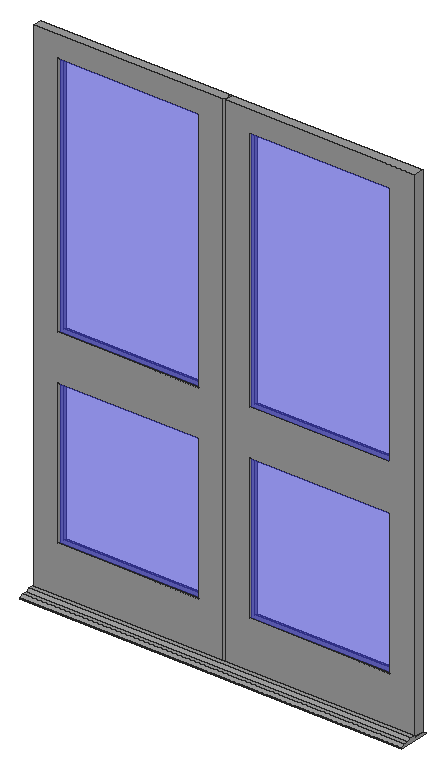
Revit family "MSD-375 DOOR-Double-1-SF_v04", category Curtain Panels, Revit 2015
Parameters
  Width [instance] = 6' - 2"
  URL = "obe.com\r\nobe.com"
  Rough Width [instance] = 6' - 3"
  Offset [instance] = 0' - 1"
  Model = "MSD-375 DOOR"
  Min Panel Width [instance] = if(Rough Width > 6' 2 1/4", Rough Width - 0' 2 1/4", 6' 0")  # 6' - 0 3/4"
  Manufacturer = "Oldcastle BuildingEnvelope®"
  Keynote = "08 11 00"
  Hinge [instance] = yes
  Height [instance] = 8' - 0"
  Pushbar Height [instance] = 3' - 5 1/4"  # constant formula
  Glass Material = Glass
  Frame Material = Aluminum
  Door Panel Height [instance] = Height + 0' 0 1/2"  # 8' - 0 1/2"
  Description = "MSD-375 - 1\" Door Infill"
  Assembly Code = "B2030"
  Analytic Construction = "<None>"
  8 Muntin [instance] = not([6.5 Muntin])  # no
  6.5 Muntin [instance] = yes
Reference planes (in)
  plane 1 "Front": y = 0
  plane 2: z = 0
  plane 3 "Center (Left/Right)": x = 0
  plane 4 "Left": x = -37
  plane 5 "Right": x = 37
  plane 6 "Top": z = 96
  plane 7: x = 36.375
  plane 8: x = -36.375
Text (in)
  text "Exterior" at (-54.29358, 31.38743, 0), in view "Ref. Level"
  text "Exterior" at (480, 41.53993, 89.60405), in view "Right"
  text "Exterior" at (-240, 57.82419, 105.78864), in view "Left"
Dimensions and locks (in)
  equal spacing: plane 4 "Left", plane 3 "Center (Left/Right)", plane 5 "Right"
  "Width": plane 4 "Left" to plane 5 "Right"
  "Height": plane 6 "Top" to plane 2
  equal spacing: plane 8, plane 3 "Center (Left/Right)", plane 7
  "Min Panel Width": plane 8 to plane 7
  aligned and locked: level to plane 2
  aligned and locked: plane 3 "Center (Left/Right)" to nested 1
  aligned and locked: plane 1 "Front" to nested 1
Nested families (in)
  nested 1: "MSD-375 DOOR-Double-1-Panel_v03" at (0, -16, 0), Frame Material <- "Frame Material", Glass Material <- "Glass Material", 8 Muntin <- "8 Muntin", Hinge <- "Hinge", 6.5 Muntin <- "6.5 Muntin", Width <- "Min Panel Width", Height <- "Door Panel Height", Offset <- "Offset", type "MSD-375 DOOR-Double-1-Panel_v03"
    with Wing Width 3' - 0 3/8", built-in parameter 1001301 6' - 0 3/4", Pushbar Height 3' - 5 1/4", Offset 0' - 1", Hinge yes, built-in parameter 1001300 8' - 0 1/2", Glass at Muntin 0' - 6 15/16", Glass Material Glass, Frame Material Aluminum, 8 Muntin no, 6.5 Muntin yes
Definition of nested family "MSD-375 DOOR-Double-1-Panel_v03"
  Parameters (values of type "MSD-375 DOOR-Double-1-Panel_v03")
    Wing Width [instance] = Width / 2  # 2' - 6"
    Width [instance] = 5' - 0"
    Pushbar Height [instance] = 3' - 5 1/4"  # constant formula
    Offset [instance] = 0' - 1"
    Hinge [instance] = yes
    Height [instance] = 7' - 0"
    Glass at Muntin [instance] = if([6.5 Muntin], 0' 6 15/16", 0' 8 7/16")  # 0' - 6 15/16"
    Glass Material [instance] = none
    Frame Material [instance] = none
    Analytic Construction = "<None>"
    8 Muntin [instance] = not([6.5 Muntin])  # no
    6.5 Muntin [instance] = yes
  Reference planes (in)
    plane 1 "00": y = 14.043
    plane 2: z = 0
    plane 3 "Center (Left/Right)": x = 0
    plane 4: z = 84
    plane 5: x = -30
    plane 6: x = 30
    plane 7 "Center (Front/Back)": y = 16
    plane 8 "Exterior": y = 14.32425
    plane 9: z = 42
    plane 10: z = 8.90625
    plane 11: z = 44.71875
    plane 12: z = 37.78125
    plane 13: z = 80.281
    plane 14: z = 0
    plane 15: x = -25.84095
    plane 16: x = 25.82077
    plane 17 "Offset": y = 15
    plane 18: z = 41.25
  Forms (in)
    Sweep 1, solid, material <- "Frame Material"
      path origin (0, 14.043, 0) x (1, 0, 0) y (0, 0, 1)
        loop
          line (-29.70095, 84) -> (-0.24193, 84)
      profile origin (-14.97144, 14.043, 84) x (0, 0, 1) y (0, -1, 0)
        loop
          line (-4.5, -0.957) -> (-0.5, -0.957) -> (-0.5, 0.793) -> (-4.5, 0.793) -> (-4.5, 0.5) -> (-3.719, 0.5) -> (-3.719, -0.5) -> (-4.5, -0.5) -> (-4.5, -0.957)
    Sweep 2, solid, material <- "Frame Material"
      path origin (0, 14.043, 0) x (1, 0, 0) y (0, 0, 1)
        loop
          line (-0.24193, 0) -> (-29.69218, 0)
      profile origin (-14.96706, 14.043, 0) x (0, 0, -1) y (0, -1, 0)
        loop
          line (-0.6875, -0.957) -> (-0.6875, 0.793) -> (-9.6875, 0.793) -> (-9.6875, 0.5) -> (-8.90625, 0.5) -> (-8.90625, -0.5) -> (-9.6875, -0.5) -> (-9.6875, -0.957) -> (-0.6875, -0.957)
    Sweep 3, solid, material <- "Frame Material"
      path origin (0, 14.043, 0) x (1, 0, 0) y (0, 0, 1)
        loop
          line (30, 83.5) -> (30, 0.6875)
      profile origin (30, 14.043, 42.09375) x (0, -1, 0) y (1, 0, 0)
        loop
          line (-0.957, -0.21023) -> (-0.957, -4.96023) -> (-0.5, -4.96023) -> (-0.5, -4.17923) -> (0.5, -4.17923) -> (0.5, -4.96023) -> (0.793, -4.96023) -> (0.793, -0.31923) -> (-0.957, -0.21023)
    Sweep 4, solid, material <- "Frame Material"
      path origin (0, 14.043, 0) x (1, 0, 0) y (0, 0, 1)
        loop
          line (-30, 83.5) -> (-30, 0.6875)
      profile origin (-30, 14.043, 42.09375) x (0, -1, 0) y (1, 0, 0)
        loop
          line (0.793, 4.94005) -> (0.5, 4.94005) -> (0.5, 4.15905) -> (-0.5, 4.15905) -> (-0.5, 4.94005) -> (-0.957, 4.94005) -> (-0.957, 0.19005) -> (0.793, 0.29905) -> (0.793, 4.94005)
    Sweep 5, solid, material <- "Frame Material"
      path origin (0, 14.043, 0) x (1, 0, 0) y (0, 0, 1)
        loop
          line (-2.84095, 42) -> (-25.84095, 42)
      profile origin (-14.34095, 14.043, 42) x (0, 0, -1) y (0, -1, 0)
        loop
          line (-3.49975, -0.5) -> (-3.49975, -0.957) -> (5.00025, -0.957) -> (5.00025, -0.5) -> (4.21925, -0.5) -> (4.21925, 0.5) -> (5.00025, 0.5) -> (5.00025, 0.793) -> (-3.49975, 0.793) -> (-3.49975, 0.5) -> (-2.71875, 0.5) -> (-2.71875, -0.5) -> (-3.49975, -0.5)
    Sweep 6, solid, material <- "Frame Material"
      path origin (0, 14.043, 0) x (1, 0, 0) y (0, 0, 1)
        loop
          line (0, 83.5) -> (0, 0.6875)
      profile origin (0, 14.043, 42.09375) x (0, -1, 0) y (1, 0, 0)
        loop
          line (-0.957, -4.81249) -> (-0.5, -4.81249) -> (-0.5, -4.03149) -> (0.5, -4.03149) -> (0.5, -4.81249) -> (0.793, -4.81249) -> (0.793, -0.24193)
          arc (0.793, -0.24193) -> (-0.07989, -0.06254) -> (-0.957, -0.22004) r 2.357
          line (-0.957, -0.22004) -> (-0.957, -4.81249)
        loop
          line (0.793, 4.81251) -> (0.5, 4.81251) -> (0.5, 4.03151) -> (-0.5, 4.03151) -> (-0.5, 4.81251) -> (-0.957, 4.81251) -> (-0.957, 0.22004)
          arc (-0.957, 0.22004) -> (-0.07989, 0.06254) -> (0.793, 0.24193) r 2.357
          line (0.793, 0.24193) -> (0.793, 4.81251)
    Sweep 7, solid, material <- "Frame Material"
      path origin (0, 14.043, 0) x (1, 0, 0) y (0, 0, 1)
        loop
          line (0.22004, 84) -> (29.68077, 84)
      profile origin (14.95041, 14.043, 84) x (0, 0, 1) y (0, -1, 0)
        loop
          line (-4.5, -0.957) -> (-0.5, -0.957) -> (-0.5, 0.793) -> (-4.5, 0.793) -> (-4.5, 0.5) -> (-3.719, 0.5) -> (-3.719, -0.5) -> (-4.5, -0.5) -> (-4.5, -0.957)
    Sweep 8, solid, material <- "Frame Material"
      path origin (0, 14.043, 0) x (1, 0, 0) y (0, 0, 1)
        loop
          line (25.82077, 42) -> (2.82077, 42)
      profile origin (14.32077, 14.043, 42) x (0, 0, -1) y (0, -1, 0)
        loop
          line (-3.49975, 0.5) -> (-2.71875, 0.5) -> (-2.71875, -0.5) -> (-3.49975, -0.5) -> (-3.49975, -0.957) -> (5.00025, -0.957) -> (5.00025, -0.5) -> (4.21875, -0.5) -> (4.21875, 0.5) -> (5.00025, 0.5) -> (5.00025, 0.793) -> (-3.49975, 0.793) -> (-3.49975, 0.5)
    Sweep 9, solid, material <- "Frame Material"
      path origin (0, 14.043, 0) x (1, 0, 0) y (0, 0, 1)
        loop
          line (29.672, 0) -> (0.24193, 0)
      profile origin (14.95697, 14.043, 0) x (0, 0, -1) y (0, -1, 0)
        loop
          line (-0.6875, -0.957) -> (-0.6875, 0.793) -> (-9.6875, 0.793) -> (-9.6875, 0.5) -> (-8.90625, 0.5) -> (-8.90625, -0.5) -> (-9.6875, -0.5) -> (-9.6875, -0.957) -> (-0.6875, -0.957)
    Extrusion 10, solid, material <- "Glass Material", detail levels coarse
      sketch origin (0, 0, 0) x (1, 0, 0) y (0, 1, 0)
        loop
          line (25.82077, 14.543) -> (4.03151, 14.543) -> (4.03151, 13.543) -> (25.82077, 13.543) -> (25.82077, 14.543)
      from 37.78125 to 8.90625
    Extrusion 11, solid, material <- "Glass Material", detail levels medium+fine
      sketch origin (0, 0, 0) x (1, 0, 0) y (0, 1, 0)
        loop
          line (25.82077, 14.543) -> (4.03151, 14.543) -> (4.03151, 14.343) -> (25.82077, 14.343) -> (25.82077, 14.543)
        loop
          line (4.03151, 13.973) -> (4.03151, 13.773) -> (25.82077, 13.773) -> (25.82077, 13.973) -> (4.03151, 13.973)
        loop
          line (25.82077, 13.743) -> (4.03151, 13.743) -> (4.03151, 13.543) -> (25.82077, 13.543) -> (25.82077, 13.743)
      from 8.90625 to 37.78125
    Extrusion 12, solid, material <- "Glass Material", detail levels medium+fine
      sketch origin (0, 0, 0) x (1, 0, 0) y (0, 1, 0)
        loop
          line (4.03151, 14.543) -> (4.03151, 14.343) -> (25.82077, 14.343) -> (25.82077, 14.543) -> (4.03151, 14.543)
        loop
          line (25.82077, 13.973) -> (4.03151, 13.973) -> (4.03151, 13.773) -> (25.82077, 13.773) -> (25.82077, 13.973)
        loop
          line (4.03151, 13.743) -> (4.03151, 13.543) -> (25.82077, 13.543) -> (25.82077, 13.743) -> (4.03151, 13.743)
      from 44.71875 to 80.281
    Extrusion 13, solid, material <- "Glass Material", detail levels coarse
      sketch origin (0, 0, 0) x (1, 0, 0) y (0, 1, 0)
        loop
          line (4.0315, 14.543) -> (4.0315, 13.543) -> (25.82077, 13.543) -> (25.82077, 14.543) -> (4.0315, 14.543)
      from 44.71875 to 80.281
    Extrusion 14, solid, material <- "Glass Material", detail levels medium+fine
      sketch origin (0, 0, 0) x (1, 0, 0) y (0, 1, 0)
        loop
          line (-4.0315, 14.543) -> (-25.84095, 14.543) -> (-25.84095, 14.343) -> (-4.0315, 14.343) -> (-4.0315, 14.543)
        loop
          line (-25.84095, 13.973) -> (-25.84095, 13.773) -> (-4.0315, 13.773) -> (-4.0315, 13.973) -> (-25.84095, 13.973)
        loop
          line (-4.0315, 13.743) -> (-25.84095, 13.743) -> (-25.84095, 13.543) -> (-4.0315, 13.543) -> (-4.0315, 13.743)
      from 8.90625 to 37.78125
    Extrusion 15, solid, material <- "Glass Material", detail levels coarse
      sketch origin (0, 0, 0) x (1, 0, 0) y (0, 1, 0)
        loop
          line (-4.0315, 14.543) -> (-25.84095, 14.543) -> (-25.84095, 13.543) -> (-4.0315, 13.543) -> (-4.0315, 14.543)
      from 44.71875 to 80.281
    Extrusion 16, solid, material <- "Glass Material", detail levels coarse
      sketch origin (0, 0, 0) x (1, 0, 0) y (0, 1, 0)
        loop
          line (-25.84095, 14.543) -> (-25.84095, 13.543) -> (-4.03149, 13.543) -> (-4.03149, 14.543) -> (-25.84095, 14.543)
      from 8.90625 to 37.78125
    Extrusion 17, solid, material <- "Glass Material", detail levels medium+fine
      sketch origin (0, 0, 0) x (1, 0, 0) y (0, 1, 0)
        loop
          line (-4.03149, 14.543) -> (-25.84095, 14.543) -> (-25.84095, 14.343) -> (-4.03149, 14.343) -> (-4.03149, 14.543)
        loop
          line (-25.84095, 13.973) -> (-25.84095, 13.773) -> (-4.0315, 13.773) -> (-4.0315, 13.973) -> (-25.84095, 13.973)
        loop
          line (-25.84095, 13.743) -> (-25.84095, 13.543) -> (-4.0315, 13.543) -> (-4.0315, 13.743) -> (-25.84095, 13.743)
      from 44.71875 to 80.281
    Sweep 18, solid, material <- "Frame Material"
      path origin (0, 15, 0) x (1, 0, 0) y (0, 0, 1)
        loop
          line (29.78977, 0) -> (-29.80995, 0)
      profile origin (-0.01009, 15, 0) x (0, 0, -1) y (0, -1, 0)
        loop
          line (0, 4.875) -> (-0.125, 4.875) -> (-0.5, 4.125) -> (-0.5, 3.36501) -> (-0.844, 2.7685) -> (-0.844, 1.7735) -> (-0.5, 1.7735) -> (-0.5, 0) -> (-0.125, -0.75) -> (0, -0.75) -> (0, 4.875)
  Cuts and joins
    joined: Sweep 1, Sweep 2, Sweep 3, Sweep 4, Sweep 5, Sweep 6, Sweep 7, Sweep 8, Sweep 9
  Lines and regions (in)
    model lines
      curve 1: line (4.81251, 14.32425, 79.50804) -> (25.03977, 14.32425, 42)
      curve 2: line (25.03977, 14.32425, 42) -> (4.81251, 14.32425, 9.6875)
      curve 3: line (-4.81249, 14.32425, 79.53597) -> (-25.05995, 14.32425, 42)
      curve 4: line (-25.05995, 14.32425, 42) -> (-4.81249, 14.32425, 9.6875)
  Dimensions and locks (in)
    "Height": plane 4 to level
    equal spacing: plane 5, plane 3 "Center (Left/Right)", plane 6
    "Offset": plane 17 "Offset" to plane 7 "Center (Front/Back)"
    equal spacing: level, plane 9, plane 4
    locked: plane 3 "Center (Left/Right)" to Sweep 2 sketch curve at 0.24193
    locked: Sweep 3 sketch curve to plane 4 at 0.5
    locked: Sweep 4 sketch curve to plane 4 at 0.5
    locked: plane 3 "Center (Left/Right)" to Sweep 1 sketch curve at 0.24193
    locked: plane 3 "Center (Left/Right)" to Sweep 5 sketch curve at 2.84095
    locked: Sweep 7 sketch curve to plane 3 "Center (Left/Right)" at 0.22004
    locked: Sweep 8 sketch curve to plane 3 "Center (Left/Right)" at 2.82077
    locked: Sweep 9 sketch curve to plane 3 "Center (Left/Right)" at 0.24193
    locked: Sweep 6 sketch curve to plane 4 at 0.5
    equal spacing: plane 4, plane 9, plane 14
    locked: plane 4 to plane 13 at 3.719
    locked: plane 10 to plane 14 at 8.90625
    "Glass at Muntin": plane 11 to plane 12
    locked: plane 5 to plane 15 at 4.15905
    locked: plane 16 to plane 6 at 4.17923
    locked: Sweep 2 sketch curve to plane 5 at 0.30782
    locked: plane 6 to Sweep 9 sketch curve at 0.328
    "Width": plane 5 to plane 6
    plane 1 "00" to plane 8 "Exterior" to plane 17 "Offset" = 0' - 0 9/32" locked, 0' - 0.67575" locked
    locked: plane 12 to Sweep 8 sketch curve at 0.7815  (x2)
    locked: Sweep 8 sketch curve to plane 11 at 0.781
    locked: plane 11 to Sweep 8 sketch curve at 0.781
    locked: plane 12 to Sweep 5 sketch curve at 0.7815  (x2)
    locked: Sweep 5 sketch curve to plane 11 at 0.781  (x2)
    locked: plane 6 to Sweep 7 sketch curve at 0.31923
    locked: Sweep 1 sketch curve to plane 5 at 0.29905
    locked: Sweep 5 sketch curve to plane 5 at 4.15905
    locked: plane 6 to Sweep 8 sketch curve at 4.17923
    Extrusion 15 sketch curve to Extrusion 15 sketch curve to plane 17 "Offset" = 0' - 1" locked, 0' - 0.457" locked
    plane 17 "Offset" to Extrusion 17 sketch curve to Extrusion 17 sketch curve to Extrusion 17 sketch curve to Extrusion 17 sketch curve to Extrusion 17 sketch curve to Extrusion 17 sketch curve = 0' - 0.457" locked, 0' - 0.2" locked, 0' - 0.37" locked, 0' - 0.2" locked, 0' - 0.03" locked, 0' - 0.2" locked
    plane 17 "Offset" to Extrusion 13 sketch curve to Extrusion 13 sketch curve = 0' - 0.457" locked, 0' - 1" locked
    plane 17 "Offset" to Extrusion 12 sketch curve to Extrusion 12 sketch curve to Extrusion 12 sketch curve to Extrusion 12 sketch curve to Extrusion 12 sketch curve to Extrusion 12 sketch curve = 0' - 0.457" locked, 0' - 0.2" locked, 0' - 0.37" locked, 0' - 0.2" locked, 0' - 0.03" locked, 0' - 0.2" locked
    Extrusion 10 sketch curve to Extrusion 10 sketch curve to plane 17 "Offset" = 0' - 1" locked, 0' - 0.457" locked
    Extrusion 11 sketch curve to Extrusion 11 sketch curve to Extrusion 11 sketch curve to Extrusion 11 sketch curve to Extrusion 11 sketch curve to Extrusion 11 sketch curve to plane 17 "Offset" = 0' - 0.2" locked, 0' - 0.03" locked, 0' - 0.2" locked, 0' - 0.37" locked, 0' - 0.2" locked, 0' - 0.457" locked
    plane 17 "Offset" to Extrusion 16 sketch curve to Extrusion 16 sketch curve = 0' - 0.457" locked, 0' - 1" locked
    Extrusion 14 sketch curve to Extrusion 14 sketch curve to Extrusion 14 sketch curve to Extrusion 14 sketch curve to Extrusion 14 sketch curve to Extrusion 14 sketch curve to plane 17 "Offset" = 0' - 0.2" locked, 0' - 0.03" locked, 0' - 0.2" locked, 0' - 0.37" locked, 0' - 0.2" locked, 0' - 0.457" locked
    equal spacing: plane 11, plane 18, plane 12
    "Pushbar Height": plane 18 to plane 14
    locked: Sweep 18 sketch curve to plane 5 at 0.19005
    locked: plane 6 to Sweep 18 sketch curve at 0.21023
    locked: plane 14 to Sweep 3 sketch curve at 0.6875
    locked: plane 14 to Sweep 6 sketch curve at 0.6875
    locked: plane 14 to Sweep 4 sketch curve at 0.6875
    aligned and locked: plane 2 to level
    aligned and locked: Sweep 1 sketch curve to plane 4
    aligned and locked: Sweep 2 sketch curve to level
    aligned and locked: Sweep 5 sketch curve to plane 9
    aligned and locked: plane 3 "Center (Left/Right)" to Sweep 6 sketch curve
    aligned and locked: Sweep 9 sketch curve to level
    aligned and locked: Sweep 8 sketch curve to plane 9
    aligned and locked: plane 4 to Sweep 7 sketch curve
    aligned and locked: Extrusion 14 to plane 10
    aligned and locked: plane 12 to Extrusion 14
    aligned and locked: Extrusion 15 to plane 11
    aligned and locked: plane 13 to Extrusion 15
    aligned and locked: Extrusion 17 to plane 11
    aligned and locked: plane 13 to Extrusion 17
    aligned and locked: Extrusion 16 to plane 10
    aligned and locked: plane 12 to Extrusion 16
    aligned and locked: Extrusion 12 to plane 11
    aligned and locked: plane 13 to Extrusion 12
    aligned and locked: plane 13 to Extrusion 13
    aligned and locked: Extrusion 13 to plane 11
    aligned and locked: plane 12 to Extrusion 10
    aligned and locked: plane 12 to Extrusion 11
    aligned and locked: Extrusion 11 to plane 10
    aligned and locked: Extrusion 10 to plane 10
    aligned and locked: Sweep 3 sketch curve to plane 6
    aligned and locked: Sweep 4 sketch curve to plane 5
    aligned and locked: Extrusion 16 to plane 15
    aligned and locked: Extrusion 17 to plane 15  (x2)
    aligned and locked: plane 16 to Extrusion 12  (x3)
    aligned and locked: Extrusion 14 to plane 15  (x2)
    aligned and locked: plane 9 to curve 1
    aligned and locked: plane 9 to curve 4
    aligned and locked: Sweep 18 sketch curve to plane 14
  Automatic sketch dimensions
    profile plane to Sweep 3 sketch curve = 0' - 0.21023"
    Sweep 3 sketch curve to plane 1 "00" = 0' - 0.957"
    Sweep 3 sketch curve to plane 1 "00" = 0' - 0 1/2"
    plane 1 "00" to Sweep 3 sketch curve = 0' - 0 1/2"
    profile plane to Sweep 3 sketch curve = 0' - 0.31923"
    plane 1 "00" to Sweep 3 sketch curve = 0' - 0.793"
    Sweep 3 sketch curve to Sweep 3 sketch curve = 0' - 3.86"
    Sweep 3 sketch curve to Sweep 3 sketch curve = 0' - 0.781"  (x2)
    Sweep 6 sketch curve to plane 1 "00" = 0' - 0.957"  (x2)
    Sweep 6 sketch curve to plane 1 "00" = 0' - 0 1/2"
    Sweep 6 sketch curve to Sweep 6 sketch curve = 0' - 0.457"
    Sweep 6 sketch curve to plane 1 "00" = 0' - 0 7/64"  (x2)
    plane 1 "00" to Sweep 6 sketch curve = 0' - 0 1/2"  (x2)
    Sweep 6 sketch curve to profile plane = 0' - 0.24193"
    plane 1 "00" to Sweep 6 sketch curve = 0' - 0.793"
    Sweep 6 sketch curve to Sweep 6 sketch curve = 0' - 0.293"
    Sweep 6 sketch curve to profile plane = 0' - 0.22004"
    profile plane to Sweep 6 sketch curve = 0' - 0.22004"
    profile plane to Sweep 6 sketch curve = 0' - 0.24193"
    Sweep 6 sketch curve to Sweep 6 sketch curve = 0' - 1.61214"
    Sweep 6 sketch curve to Sweep 6 sketch curve = 0' - 0.781"  (x4)
    Sweep 6 sketch curve to Sweep 6 sketch curve = 0' - 1.61216"
    Sweep 4 sketch curve to plane 1 "00" = 0' - 0.957"
    Sweep 4 sketch curve to Sweep 4 sketch curve = 0' - 0.457"
    plane 1 "00" to Sweep 4 sketch curve = 0' - 0 1/2"
    Sweep 4 sketch curve to Sweep 4 sketch curve = 0' - 0.293"
    Sweep 4 sketch curve to Sweep 4 sketch curve = 0' - 0.781"  (x2)
    Sweep 4 sketch curve to profile plane = 0' - 0.19005"
    Sweep 4 sketch curve to profile plane = 0' - 0.29905"
    Sweep 4 sketch curve to Sweep 4 sketch curve = 0' - 3.969"
    Sweep 1 sketch curve to plane 1 "00" = 0' - 0.957"
    profile plane to Sweep 1 sketch curve = 0' - 4 1/2"
    Sweep 1 sketch curve to Sweep 1 sketch curve = 0' - 0.457"
    plane 1 "00" to Sweep 1 sketch curve = 0' - 0 1/2"
    Sweep 1 sketch curve to Sweep 1 sketch curve = 0' - 0.781"
    Sweep 1 sketch curve to Sweep 1 sketch curve = 0' - 0.293"
    profile plane to Sweep 1 sketch curve = 0' - 0 1/2"
    Sweep 1 sketch curve to Sweep 1 sketch curve = 0' - 0"
    profile plane to Sweep 2 sketch curve = 0' - 0 11/16"
    plane 1 "00" to Sweep 2 sketch curve = 0' - 0 1/2"
    Sweep 2 sketch curve to Sweep 2 sketch curve = 0' - 0 25/32"  (x2)
    Sweep 2 sketch curve to plane 1 "00" = 0' - 0 1/2"
    Sweep 2 sketch curve to plane 1 "00" = 0' - 0.957"
    Sweep 2 sketch curve to Sweep 2 sketch curve = 0' - 0.293"
    Sweep 7 sketch curve to plane 1 "00" = 0' - 0.957"
    profile plane to Sweep 7 sketch curve = 0' - 4 1/2"
    Sweep 7 sketch curve to Sweep 7 sketch curve = 0' - 0"
    Sweep 7 sketch curve to Sweep 7 sketch curve = 0' - 0.781"
    profile plane to Sweep 7 sketch curve = 0' - 0 1/2"
    Sweep 7 sketch curve to Sweep 7 sketch curve = 0' - 0.457"
    plane 1 "00" to Sweep 7 sketch curve = 0' - 0 1/2"
    Sweep 7 sketch curve to Sweep 7 sketch curve = 0' - 0.293"
    Sweep 8 sketch curve to Sweep 8 sketch curve = 0' - 0.781"
    Sweep 8 sketch curve to Sweep 8 sketch curve = 0' - 0.7815"
    Sweep 8 sketch curve to plane 1 "00" = 0' - 0.957"
    Sweep 8 sketch curve to plane 1 "00" = 0' - 0 1/2"  (x2)
    plane 1 "00" to Sweep 8 sketch curve = 0' - 0 1/2"  (x2)
    Sweep 8 sketch curve to Sweep 8 sketch curve = 0' - 0.293"
    plane 1 "00" to Sweep 9 sketch curve = 0' - 0 1/2"
    Sweep 9 sketch curve to Sweep 9 sketch curve = 0' - 8 7/32"
    Sweep 9 sketch curve to Sweep 9 sketch curve = 0' - 0 25/32"  (x2)
    Sweep 9 sketch curve to plane 1 "00" = 0' - 0 1/2"
    Sweep 9 sketch curve to Sweep 9 sketch curve = 0' - 0.293"
    profile plane to Sweep 9 sketch curve = 0' - 0 11/16"
    Sweep 9 sketch curve to plane 1 "00" = 0' - 0.957"
    Extrusion 15 sketch curve to plane 15 = 0' - 0"
    Extrusion 15 sketch curve to plane 3 "Center (Left/Right)" = 0' - 4.0315"
    Extrusion 13 sketch curve to plane 16 = 0' - 0"
    plane 3 "Center (Left/Right)" to Extrusion 13 sketch curve = 0' - 4.0315"
    Extrusion 12 sketch curve to plane 16 = 0' - 0"  (x3)
    plane 3 "Center (Left/Right)" to Extrusion 12 sketch curve = 0' - 4.03151"
    Extrusion 12 sketch curve to Extrusion 12 sketch curve = 0' - 0"  (x2)
    Extrusion 11 sketch curve to plane 16 = 0' - 0"  (x3)
    plane 3 "Center (Left/Right)" to Extrusion 11 sketch curve = 0' - 4.03151"
    Extrusion 11 sketch curve to Extrusion 11 sketch curve = 0' - 0"  (x2)
    Extrusion 10 sketch curve to plane 16 = 0' - 0"
    plane 3 "Center (Left/Right)" to Extrusion 10 sketch curve = 0' - 4.03151"
    Extrusion 16 sketch curve to plane 15 = 0' - 0"
    Extrusion 16 sketch curve to plane 3 "Center (Left/Right)" = 0' - 4.03149"
    Extrusion 14 sketch curve to plane 15 = 0' - 0"  (x3)
    Extrusion 14 sketch curve to plane 3 "Center (Left/Right)" = 0' - 4.0315"
    Extrusion 14 sketch curve to Extrusion 14 sketch curve = 0' - 0"  (x2)
    Sweep 5 sketch curve to Sweep 5 sketch curve = 0' - 0.781"  (x2)
    Sweep 5 sketch curve to plane 1 "00" = 0' - 0.957"
    Sweep 5 sketch curve to Sweep 5 sketch curve = 0' - 0.457"  (x2)
    plane 1 "00" to Sweep 5 sketch curve = 0' - 0 1/2"  (x2)
    Sweep 5 sketch curve to Sweep 5 sketch curve = 0' - 0.293"
    plane 16 to curve 2 = 0' - 0.781"
    curve 1 to plane 13 = 0' - 0.77296"
    plane 3 "Center (Left/Right)" to curve 1 = 0' - 4 13/16"
    plane 10 to curve 2 = 0' - 0 25/32"
    plane 3 "Center (Left/Right)" to curve 2 = 0' - 4 13/16"
    plane 10 to curve 4 = 0' - 0 25/32"
    curve 4 to plane 3 "Center (Left/Right)" = 0' - 4 13/16"
    curve 3 to plane 13 = 0' - 0.74503"
    curve 3 to plane 3 "Center (Left/Right)" = 0' - 4 13/16"
    plane 15 to curve 3 = 0' - 0.781"
    Extrusion 17 sketch curve to plane 15 = 0' - 0"  (x3)
    Extrusion 17 sketch curve to plane 3 "Center (Left/Right)" = 0' - 4.0315"
    Extrusion 17 sketch curve to Extrusion 17 sketch curve = 0' - 0"  (x2)
    Sweep 2 sketch curve to Sweep 2 sketch curve = 0' - 8 7/32"
    Sweep 18 sketch curve to profile plane = 0' - 0"
    Sweep 18 sketch curve to plane 17 "Offset" = 0' - 0 3/4"
    profile plane to Sweep 18 sketch curve = 0' - 0 1/8"  (x2)
    Sweep 18 sketch curve to plane 17 "Offset" = 0' - 0"
    profile plane to Sweep 18 sketch curve = 0' - 0 1/2"  (x2)
    Sweep 18 sketch curve to Sweep 18 sketch curve = 0' - 1.7735"
    Sweep 18 sketch curve to Sweep 18 sketch curve = 0' - 0.995"
    Sweep 18 sketch curve to Sweep 18 sketch curve = 0' - 0.59651"
    Sweep 18 sketch curve to Sweep 18 sketch curve = 0' - 0.344"
    Sweep 18 sketch curve to Sweep 18 sketch curve = 0' - 0.75999"
    Sweep 18 sketch curve to Sweep 18 sketch curve = 0' - 0 3/4"
